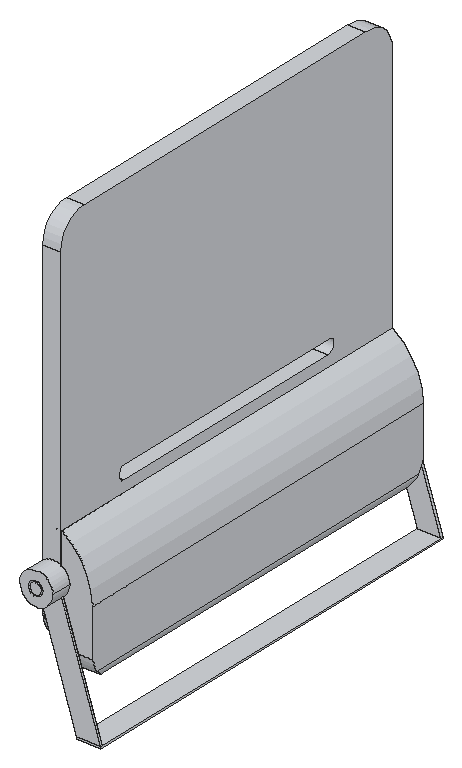
Revit family "2824072", category Generic Models, host Face, Revit 2018
Family settings
  Host = Face
  Can host rebar = No
  Round Connector Dimension = Use Diameter
  Part Type = Normal
  OmniClass Number = 23.80.70.00
  OmniClass Title = Lighting
  Cut with Voids When Loaded = No
  Shared = No
  Room Calculation Point = No
Parameters (values of type "Type Name")
  rotation axis = 142.4 mm
  bracket width = 588 mm
  URL = "http://www.sylvania-lighting.com"
  Type Image = <None>
  Type Comments = "n/a"
  Material_3_SYL = none
  Model = ""
  Manufacturer = "Feilo Sylvania"
  Keynote = ""
  Material_2_SYL = none
  Height = 157.859 mm
  Description = ""
  Default Elevation = 1219.2 mm
  Cost = 0
  Material_1_SYL = none
  Bracket Height = 195 mm
  Assembly Code = ""
  Material_4_SYL = none
Reference planes
  plane 1 "Center (Front/Back)": y = 0
  plane 2: z = 0
  plane 3 "Center (Left/Right)": x = 0
  plane 4: x = -16.5
  plane 5: x = 16.5
  plane 6: z = 155
  plane 7: x = -51.5
  plane 8: z = 137
  plane 9 "Rotation Axis": z = 142.4
  plane 10: z = 152.35
  plane 11: z = 195
  plane 12: x = -73.847
  plane 13: y = 294
  plane 14: y = -294
  plane 15: through (-72.693, -4572, 174.07) normal (-0.3105, 0, 0.9506)
  plane 16: through (-63.557, -4572, 193.954) normal (0.9506, 0, 0.3105)
  plane 17: y = 312
  plane 18: y = 288
  plane 19: y = -312
  plane 20: y = -286
  plane 21: z = 65
Forms (mm)
  Extrusion 1, solid, detail levels medium+fine
    sketch origin (0, 0, 0) x (1, 0, 0) y (0, 1, 0)
      loop
        line (-16.5, 294) -> (-16.5, -294) -> (16.5, -294) -> (16.5, 294) -> (-16.5, 294)
    from 0 to 2
  Extrusion 2, solid, detail levels medium+fine
    sketch origin (1524, -474.9, 1220.035) x (1, 0, 0) y (0, 0, 1)
      loop
        line (-1540.496, -1218.035) -> (-1507.966, -1218.035) -> (-1567.674, -1035.217)
        arc (-1567.674, -1035.217) -> (-1587.557, -1026.081) -> (-1596.693, -1045.965) r 15.473
        line (-1596.693, -1045.965) -> (-1540.496, -1218.035)
    from -180.9 to -182.9
  Extrusion 3, solid, detail levels medium+fine
    sketch origin (0, 0, 0.069) x (1, 0, 0) y (0, 0, 1)
      loop
        line (-16.39, 1.931) -> (16.139, 1.931) -> (-43.636, 184.958)
        arc (-43.636, 184.958) -> (-63.457, 193.922) -> (-72.656, 174.21) r 15.474
        line (-72.656, 174.21) -> (-16.39, 1.931)
    from -294 to -292
  Extrusion 4, solid, detail levels medium+fine
    sketch origin (-6.388, 0, 36.204) x (1, 0, 0) y (0, 0, 1)
      loop
        circle (-51.99, 142.374) r 22.5
    from -286.248 to -312
  Extrusion 5, solid, detail levels medium+fine
    sketch origin (-6.358, 0, 36.195) x (1, 0, 0) y (0, 0, 1)
      loop
        circle (-51.99, 142.374) r 22.5
    from 283.024 to 312
  Extrusion 6, void
    sketch origin (-6.561, 0, 36.284) x (1, 0, 0) y (0, 0, 1)
      loop
        circle (-51.99, 142.374) r 10
    from 294 to 312
  Extrusion 7, solid, detail levels fine
    sketch origin (-6.561, 0, 36.201) x (1, 0, 0) y (0, 0, 1)
      loop
        circle (-51.99, 142.374) r 7.5
    from 294 to 312
  Extrusion 8, void
    sketch origin (1517.357, -324.9, 1255.472) x (1, 0, 0) y (0, 0, 1)
      loop
        circle (-1575.99, -1076.826) r 10
    from -636.9 to -618.9
  Extrusion 9, solid, detail levels fine
    sketch origin (1517.42, -324.9, 1255.374) x (1, 0, 0) y (0, 0, 1)
      loop
        circle (-1575.99, -1076.826) r 7.5
    from -636.9 to -618.9
  Revolve 10, solid, not visible, detail levels coarse
    sketch origin (-58.257, 1655.459, 1254.912) x (0, 1, 0) y (0, 0, 1)
      loop
        line (-1369.21, -1054.349) -> (-1379.437, -1054.349) -> (-1379.437, -1074.349) -> (-1369.21, -1074.349) -> (-1369.21, -1054.349)
      axis (-1369.21, -1076.8) -> (-1379.437, -1076.8)
    angle from 0 to 180
Cuts and joins
  Extrusion 6 cuts Extrusion 5
  Extrusion 8 cuts Extrusion 4
Dimensions and locks
  "Bracket Height": plane 11 to level
  "bracket width": plane 14 to plane 13
  equal spacing: plane 14, plane 1 "Center (Front/Back)", plane 13
  aligned and locked: plane 2 to host face
  aligned and locked: level to host face
Automatic sketch dimensions
  host sketch curve to host sketch curve = 2438.4 mm  (x2)
  Extrusion 1 sketch curve to plane 4 = 0 mm
  Extrusion 1 sketch curve to plane 5 = 0 mm
  Extrusion 4 sketch curve to plane 9 "Rotation Axis" = 36.178 mm
  Extrusion 5 sketch curve to plane 9 "Rotation Axis" = 36.169 mm
  Extrusion 6 sketch curve to plane 9 "Rotation Axis" = 36.258 mm
  Extrusion 7 sketch curve to plane 9 "Rotation Axis" = 36.175 mm
  Extrusion 8 sketch curve to plane 9 "Rotation Axis" = 36.246 mm
  Extrusion 9 sketch curve to plane 9 "Rotation Axis" = 36.148 mm
  Revolve 10 sketch curve to plane 9 "Rotation Axis" = 35.712 mm
  Revolve 10 sketch curve to Revolve 10 sketch curve = 10.227 mm
  Revolve 10 sketch curve to plane 9 "Rotation Axis" = 38.163 mm
  plane 6 to Revolve 10 sketch curve = 45.563 mm
  Revolve 10 sketch curve to Revolve 10 sketch curve = 62.43 mm
  Revolve 10 sketch curve to Revolve 10 sketch curve = 22.367 mm
  plane 12 to Extrusion 2 sketch curve = 1.154 mm
  plane 7 to Extrusion 2 sketch curve = 6.684 mm
  Extrusion 2 sketch curve to plane 7 = 7.826 mm
  plane 4 to Extrusion 2 sketch curve = 0.004 mm
  level to Extrusion 2 sketch curve = 2 mm
  plane 6 to Extrusion 2 sketch curve = 19.07 mm
  Extrusion 2 sketch curve to Extrusion 2 sketch curve = 5.374 mm
  Extrusion 2 sketch curve to plane 5 = 0.466 mm
  plane 12 to Extrusion 3 sketch curve = 1.191 mm
  plane 7 to Extrusion 3 sketch curve = 6.582 mm
  Extrusion 3 sketch curve to plane 7 = 7.864 mm
  plane 4 to Extrusion 3 sketch curve = 0.11 mm
  Extrusion 3 sketch curve to plane 5 = 0.361 mm
  level to Extrusion 3 sketch curve = 2 mm
  Extrusion 3 sketch curve to Extrusion 3 sketch curve = 5.202 mm
  Extrusion 3 sketch curve to plane 11 = 9.973 mm
  plane 7 to Extrusion 6 sketch curve = 7.052 mm
  plane 7 to Extrusion 7 sketch curve = 7.051 mm
  plane 7 to Extrusion 9 sketch curve = 7.07 mm
  plane 7 to Extrusion 4 sketch curve = 6.879 mm
  plane 7 to Extrusion 5 sketch curve = 6.848 mm
  plane 7 to Extrusion 8 sketch curve = 7.133 mm
  Extrusion 1 sketch curve to plane 13 = 0 mm
  Extrusion 1 sketch curve to plane 14 = 0 mm
  Revolve 10 sketch curve to plane 18 = 11.979 mm
  radius of Extrusion 4 sketch curve = 22.5 mm
  radius of Extrusion 5 sketch curve = 22.5 mm
  radius of Extrusion 6 sketch curve = 10 mm
  radius of Extrusion 7 sketch curve = 7.5 mm
  radius of Extrusion 8 sketch curve = 10 mm
  radius of Extrusion 9 sketch curve = 7.5 mm
Nested families
  nested 1: "2824072" at (-58.257, -66.148, 317.5) x (0, 1, 0) z (1, 0, 0), type "2824072 RAIDEN IP66 30KLM 840 WIDE"
    with built-in parameter 1114216 (empty or 0)
Definition of nested family "2824072"
  Parameters (values of type "2824072 RAIDEN IP66 30KLM 840 WIDE")
    height = 60 mm
    Width = 319 mm
    Wattage Comments = "n/a"
    Wattage = 9.2903 W
    built-in parameter 1150110 = 1 (stored number, unit not read)
    URL = "0.95"
    Type Image = (empty or 0)
    Type Comments = "n/a"
    built-in parameter 1114217 = 1 (stored number, unit not read)
    Tilt Angle = -90.00°
    built-in parameter 1150109 = 1 (stored number, unit not read)
    built-in parameter 1150134 = 3
    built-in parameter 1150113 = 1 (stored number, unit not read)
    Photometric Web File = "2824072.IES"
    Material_3_SYL = none
    Model = "Raiden IP66 30KLM 840 Symmetric Wide"
    Manufacturer = ""
    built-in parameter 1150105 = 109.82 (stored number, unit not read)
    Lumens = 1380 lm
    built-in parameter 1150115 = 1 (stored number, unit not read)
    built-in parameter 1150137 = (empty or 0)
    built-in parameter 1150139 = (empty or 0)
    Length = 511 mm
    built-in parameter 1150112 = 1 (stored number, unit not read)
    built-in parameter 1150114 = 1 (stored number, unit not read)
    Lamp = "n/a"
    Keynote = "n/a"
    Material_2_SYL = none
    built-in parameter 1150132 = (empty or 0)
    built-in parameter 1150102 = (empty or 0)
    built-in parameter 1150107 = 3200 (stored number, unit not read)
    built-in parameter 1150138 = (empty or 0)
    built-in parameter 1150106 = 1.0982 (stored number, unit not read)
    Emit from Circle Diameter = 609.6 mm
    Emit Shape Visible in Rendering = no
    built-in parameter 1150104 = 13.8 (stored number, unit not read)
    Dimming Lamp Color Temperature Shift = (empty or 0)
    Description = "Outdoor and indoor floodlight range with in house design, comes complete with 1m flying lead and adjustable bracket, aluminium housing, RAL 9022 - Pearl light grey, clear glass diffuser, IP66, IK08, Class I, 4000K, Non-dimming, 30000lm, 221W, 136lm/W, CRI80, Symmetric Wide beam angle 60°, 100000 hrs L80B50 lifespan, 561x569x76mm (LxWxH) dimensions, 12.5kg weight."
    Default Elevation = 1219.2 mm
    Cost = 0
    Color Filter = 16777215
    built-in parameter 1114216 [instance] = (empty or 0)
    Material_1_SYL = none
    Body Length = 561 mm
    built-in parameter 1114218 = 1 (stored number, unit not read)
    built-in parameter 1150133 = 10 (stored number, unit not read)
    Assembly Code = "D5020200"
    Apparent Load = 221 VA
    Material_4_SYL = none
  Reference planes
    plane 1 "Center (Front/Back)": y = 2.5
    plane 2: z = 0.95
    plane 3 "Center (Left/Right)": x = 68.124
    plane 4: z = -14.05
    plane 5: z = 15.95
    plane 6: z = 0.95
    plane 7: z = 45.95
    plane 8: y = -253
    plane 9: y = -56
    plane 10: x = 253.624
    plane 11: x = -117.376
    plane 12: x = -123.376
    plane 13: y = -226
    plane 14: y = -76
    plane 15: y = -41.5
    plane 16: y = -213
    plane 17: x = 187.624
    plane 18: x = 259.624
    plane 19: x = 352.624
    plane 20: x = -216.376
    plane 21: x = -194.376
    plane 22: x = 330.624
    plane 23: y = 308
    plane 24: y = 286
    plane 25: x = 322.624
  Forms (mm)
    Extrusion 1, solid
      sketch origin (26.073, 0, 0.95) x (1, 0, 0) y (0, 1, 0)
        loop
          line (-1219.2, 1219.2) -> (-1219.2, -1219.2) -> (1219.2, -1219.2) -> (1219.2, 1219.2) -> (-1219.2, 1219.2)
      from 0 to -68.017
    Extrusion 2, solid, detail levels medium+fine
      sketch origin (83.124, -34.451, 0.95) x (1, 0, 0) y (0, 1, 0)
        loop
          line (-299.5, 302.451) -> (-299.5, -151.549)
          arc (-299.5, -151.549) -> (-287.784, -179.833) -> (-259.5, -191.549) r 40
          line (-259.5, -191.549) -> (229.5, -191.549)
          arc (229.5, -191.549) -> (257.784, -179.833) -> (269.5, -151.549) r 40
          line (269.5, -151.549) -> (269.5, 303.451)
          arc (269.5, 303.451) -> (256.273, 332.849) -> (225.5, 342.451) r 39.284
          line (225.5, 342.451) -> (-259.5, 342.451)
          arc (-259.5, 342.451) -> (-287.784, 330.735) -> (-299.5, 302.451) r 40
      from -15 to 9.702
    Extrusion 3, solid, detail levels medium+fine
      sketch origin (402.124, 1489.549, 1205.15) x (0, 1, 0) y (0, 0, 1)
        loop
          line (-1644.468, -1151.519) -> (-1728.014, -1151.519)
          arc (-1728.014, -1151.519) -> (-1739.904, -1157.404) -> (-1742.436, -1170.427) r 14.954
          line (-1742.436, -1170.427) -> (-1715.549, -1219.2) -> (-1565.549, -1219.2) -> (-1565.549, -1194.2)
          arc (-1565.549, -1194.2) -> (-1599.607, -1162.873) -> (-1644.468, -1151.519) r 94.303
      from -618.5 to -49.5
    Extrusion 4, void
      sketch origin (81.72, -11.578, 0.95) x (1, 0, 0) y (0, 1, 0)
        loop
          arc (-276.096, 29.078) -> (-271.703, 18.471) -> (-261.096, 14.078) r 15
          line (-261.096, 14.078) -> (233.904, 14.078)
          arc (233.904, 14.078) -> (244.51, 18.471) -> (248.904, 29.078) r 15
          line (248.904, 29.078) -> (248.904, 282.578)
          arc (248.904, 282.578) -> (244.51, 293.184) -> (233.904, 297.578) r 15
          line (233.904, 297.578) -> (-261.096, 297.578)
          arc (-261.096, 297.578) -> (-271.703, 293.184) -> (-276.096, 282.578) r 15
          line (-276.096, 282.578) -> (-276.096, 29.078)
      from -16.268 to -10.594
    Extrusion 5, solid, detail levels fine
      sketch origin (83.124, 0.218, 0.95) x (1, 0, 0) y (0, 1, 0)
        loop
          arc (-262.5, 285.782) -> (-273.107, 281.388) -> (-277.5, 270.782) r 15
          line (-277.5, 270.782) -> (-277.5, 17.282)
          arc (-277.5, 17.282) -> (-273.107, 6.675) -> (-262.5, 2.282) r 15
          line (-262.5, 2.282) -> (232.5, 2.282)
          arc (232.5, 2.282) -> (243.107, 6.675) -> (247.5, 17.282) r 15
          line (247.5, 17.282) -> (247.5, 270.782)
          arc (247.5, 270.782) -> (243.107, 281.388) -> (232.5, 285.782) r 15
          line (232.5, 285.782) -> (-262.5, 285.782)
      from -12.231 to -10.594
    Extrusion 6, void
      sketch origin (58.977, -53.062, 0.95) x (1, 0, 0) y (0, 1, 0)
        loop
          arc (184.512, -8.423) -> (194.512, 1.577) -> (184.512, 11.577) r 10
          line (184.512, 11.577) -> (-166.339, 11.577)
          arc (-166.339, 11.577) -> (-176.339, 1.577) -> (-166.339, -8.423) r 10
          line (-166.339, -8.423) -> (184.512, -8.423)
      from -18.734 to 12.525
    Extrusion 7, void
      sketch origin (68.124, -34.451, 0) x (0, 1, 0) y (0, 0, 1)
        loop
          line (-253.049, 15.95) -> (-253.049, -34.125) -> (-191.549, -30.902) -> (-191.549, 15.95) -> (-253.049, 15.95)
      from 191.5 to 306.113
    Extrusion 8, void
      sketch origin (68.124, -34.451, 0) x (0, 1, 0) y (0, 0, 1)
        loop
          line (-191.549, 15.95) -> (-275.432, 15.95) -> (-275.432, -28.004) -> (-191.549, -28.004) -> (-191.549, 15.95)
      from -308.216 to -191.5
    Extrusion 9, void
      sketch origin (-101.376, -126, 0.95) x (1, 0, 0) y (0, 1, 0)
        loop
          line (-115, -60) -> (-115, -100) -> (-75, -100)
          arc (-75, -100) -> (-103.284, -88.284) -> (-115, -60) r 40
      from -22.043 to 15
    Extrusion 10, void
      sketch origin (216.954, 19.065, 0.95) x (1, 0, 0) y (0, 1, 0)
        loop
          line (95.67, -245.065) -> (135.67, -245.065) -> (135.67, -205.065)
          arc (135.67, -205.065) -> (123.954, -233.349) -> (95.67, -245.065) r 40
      from -24.354 to 15
    Extrusion 11, solid, detail levels medium+fine
      sketch origin (1742.042, -359.351, 1205.129) x (1, 0, 0) y (0, 0, 1)
        loop
          circle (-1419.5, -1204.2) r 11
      from -140.977 to -106.464
    Extrusion 12, void
      sketch origin (-125, 0, 0.95) x (1, 0, 0) y (0, 1, 0)
        loop
          line (-91.376, -186) -> (-91.376, -226) -> (-51.376, -226)
          arc (-51.376, -226) -> (-79.66, -214.284) -> (-91.376, -186) r 40
      from -15 to 15
    Extrusion 13, void
      sketch origin (-125.5, 7.123, 0.95) x (1, 0, 0) y (0, 1, 0)
        loop
          line (-91.376, -221) -> (-91.376, -261) -> (-51.376, -261)
          arc (-51.376, -261) -> (-79.66, -249.284) -> (-91.376, -221) r 40
      from 0 to 100
    Extrusion 14, void
      sketch origin (125, 3.379, 0.95) x (1, 0, 0) y (0, 1, 0)
        loop
          arc (227.624, -217.683) -> (215.905, -245.976) -> (187.612, -257.696) r 40.012
          line (187.612, -257.696) -> (227.624, -257.696) -> (227.624, -217.683)
      from 12.525 to 100
    Extrusion 15, solid, detail levels coarse
      sketch origin (0, 0, 0.95) x (1, 0, 0) y (0, 1, 0)
        loop
          line (-216.376, 308) -> (-216.376, -252.887) -> (352.624, -252.887) -> (352.624, 308) -> (-216.376, 308)
      from -15 to 52.681
  Cuts and joins
    Extrusion 4, Extrusion 6, Extrusion 7, Extrusion 8, Extrusion 9, Extrusion 10, Extrusion 12 cuts Extrusion 2
    Extrusion 6, Extrusion 7, Extrusion 8, Extrusion 9, Extrusion 10, Extrusion 12, Extrusion 13, Extrusion 14 cuts Extrusion 3
    Extrusion 14 cuts Extrusion 11
  Dimensions and locks
    "height": plane 4 to plane 7
    plane 1 "Center (Front/Back)" to plane 8 = 255.5 mm
    Extrusion 15 to Extrusion 2 = 534 mm
    plane 1 "Center (Front/Back)" to Extrusion 5 = 283.5 mm
    "Body Length": plane 23 to plane 8
    aligned and locked: plane 2 to Extrusion 1
    aligned and locked: level to Extrusion 1
  Automatic sketch dimensions
    Extrusion 1 sketch curve to Extrusion 1 sketch curve = 2438.4 mm  (x2)
    Extrusion 4 sketch curve to plane 3 "Center (Left/Right)" = 262.5 mm
    Extrusion 4 sketch curve to Extrusion 4 sketch curve = 15 mm  (x3)
    plane 1 "Center (Front/Back)" to Extrusion 4 sketch curve = 0 mm
    Extrusion 4 sketch curve to Extrusion 4 sketch curve = 253.5 mm
    Extrusion 5 sketch curve to plane 3 "Center (Left/Right)" = 262.5 mm
    Extrusion 5 sketch curve to Extrusion 5 sketch curve = 15 mm  (x2)
    plane 1 "Center (Front/Back)" to Extrusion 5 sketch curve = 0 mm
    Extrusion 5 sketch curve to Extrusion 5 sketch curve = 253.5 mm
    Extrusion 7 sketch curve to plane 5 = 0 mm
    Extrusion 7 sketch curve to plane 4 = 16.852 mm
    Extrusion 7 sketch curve to plane 4 = 20.075 mm
    Extrusion 8 sketch curve to plane 5 = 0 mm
    Extrusion 8 sketch curve to plane 4 = 13.954 mm
    Extrusion 8 sketch curve to Extrusion 8 sketch curve = 83.883 mm
    Extrusion 9 sketch curve to plane 3 "Center (Left/Right)" = 284.5 mm
    Extrusion 9 sketch curve to Extrusion 9 sketch curve = 40 mm
    Extrusion 11 sketch curve to level = 0.021 mm
    Extrusion 10 sketch curve to Extrusion 10 sketch curve = 40 mm
    plane 13 to Extrusion 12 sketch curve = 0 mm
    Extrusion 13 sketch curve to plane 16 = 0.877 mm
    Extrusion 13 sketch curve to plane 8 = 0.877 mm
    plane 17 to Extrusion 14 sketch curve = 124.988 mm
    Extrusion 14 sketch curve to plane 16 = 1.305 mm
    Extrusion 14 sketch curve to plane 8 = 1.317 mm
    Extrusion 7 sketch curve to plane 13 = 0 mm
    Extrusion 7 sketch curve to plane 8 = 34.5 mm
    Extrusion 8 sketch curve to plane 13 = 0 mm
    Extrusion 9 sketch curve to plane 13 = 0 mm
    Extrusion 10 sketch curve to plane 13 = 0 mm
    plane 9 to Extrusion 6 sketch curve = 14.516 mm
    plane 14 to Extrusion 6 sketch curve = 14.516 mm
    plane 11 to Extrusion 6 sketch curve = 10.014 mm
    Extrusion 6 sketch curve to plane 10 = 10.135 mm
    Extrusion 3 sketch curve to plane 4 = 0 mm
    Extrusion 3 sketch curve to plane 13 = 0 mm
    Extrusion 3 sketch curve to plane 14 = 0 mm
    plane 8 to Extrusion 3 sketch curve = 14.535 mm
    plane 8 to Extrusion 3 sketch curve = 0.113 mm
    Extrusion 3 sketch curve to plane 4 = 26.622 mm
    Extrusion 3 sketch curve to plane 7 = 11.227 mm
    Extrusion 3 sketch curve to plane 7 = 7.273 mm
    Extrusion 3 sketch curve to plane 5 = 5 mm
    plane 8 to Extrusion 15 sketch curve = 0.113 mm
    Extrusion 15 sketch curve to plane 20 = 0 mm
    plane 17 to Extrusion 4 sketch curve = 128 mm  (x2)
    plane 17 to Extrusion 5 sketch curve = 128 mm  (x2)
    Extrusion 10 sketch curve to plane 19 = 0 mm
    plane 17 to Extrusion 11 sketch curve = 134.918 mm
    Extrusion 15 sketch curve to plane 19 = 0 mm
    Extrusion 15 sketch curve to plane 23 = 0 mm
    Extrusion 12 sketch curve to plane 20 = 0 mm
    plane 21 to Extrusion 12 sketch curve = 18 mm
    Extrusion 5 sketch curve to plane 22 = 0 mm
    Extrusion 2 sketch curve to plane 20 = 0 mm
    Extrusion 2 sketch curve to plane 13 = 0 mm
    Extrusion 2 sketch curve to plane 23 = 0 mm
    Extrusion 2 sketch curve to plane 19 = 0 mm
    plane 21 to Extrusion 2 sketch curve = 18 mm  (x2)
    Extrusion 2 sketch curve to plane 22 = 18 mm
    Extrusion 2 sketch curve to plane 24 = 17 mm
    Extrusion 2 sketch curve to Extrusion 2 sketch curve = 39.284 mm
    Extrusion 13 sketch curve to plane 20 = 0.5 mm
    radius of Extrusion 11 sketch curve = 11 mm
  Connectors
    electrical at (322.542, -252.887, 0.929)
      settings: on Extrusion 11, index 1, voltage 0 V, apparent load 0 VA, apparent load phase1 0 VA, apparent load phase2 0 VA, apparent load phase3 0 VA, power factor 1, load classification none, number of poles 1, system type 31, power factor state 1, is connector primary yes, connector utility no, sub classification motor no, connector description ""
